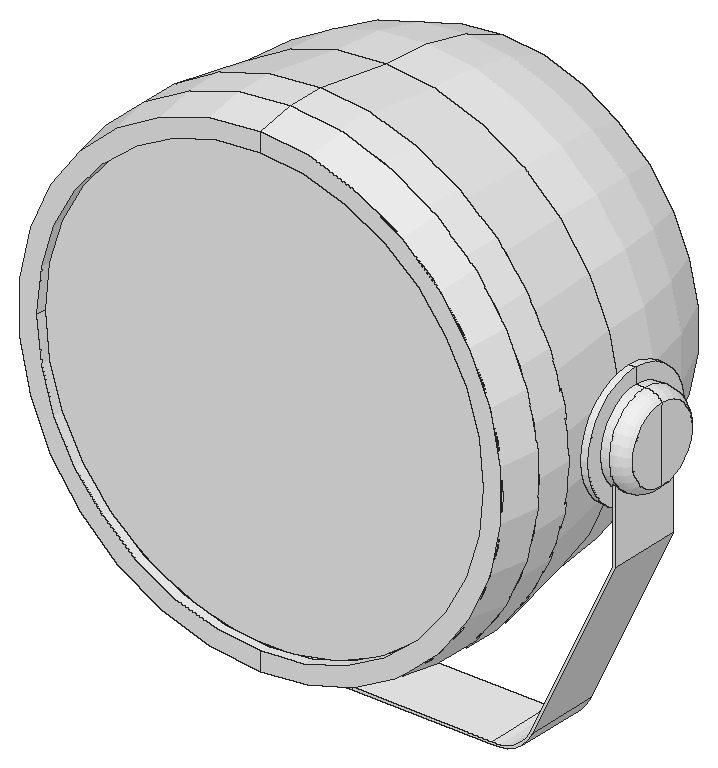
Revit family "Lighting-Accent-Acclaim-Dyna Drum HO Color", category Lighting Fixtures, host Face, Revit 2015
Parameters (values of type "Dyna Drum HO Color")
  Width = 8.22"
  Length = 15.46875"
  Wattage = 9.2903 W
  built-in parameter 1150110 = 1 (stored number, unit not read)
  Voltage = 0 V
  URL = "http://www.acclaimlighting.com/"
  built-in parameter 1114217 = 1 (stored number, unit not read)
  Tilt Angle = -90.00°
  built-in parameter 1150109 = 1 (stored number, unit not read)
  built-in parameter 1150134 = 3
  built-in parameter 1150113 = 1 (stored number, unit not read)
  Power Factor = 1
  Photometric Web File = "generic"
  Number of Poles = 1
  built-in parameter 1150142 = (empty or 0)
  Model = "Dyna Drum HO Color"
  Manufacturer = "Acclaim Lighting"
  built-in parameter 1150105 = 109.82 (stored number, unit not read)
  Lumens = 1380 lm
  built-in parameter 1150115 = 1 (stored number, unit not read)
  built-in parameter 1150137 = (empty or 0)
  built-in parameter 1150139 = (empty or 0)
  built-in parameter 1150112 = 1 (stored number, unit not read)
  built-in parameter 1150114 = 1 (stored number, unit not read)
  Lamp = "LED"
  built-in parameter 1150132 = (empty or 0)
  built-in parameter 1150102 = (empty or 0)
  built-in parameter 1150107 = 3200 (stored number, unit not read)
  built-in parameter 1150138 = (empty or 0)
  built-in parameter 1150106 = 1.0982 (stored number, unit not read)
  Housing Finish = Aluminum
  Height = 14.88"
  built-in parameter 1150129 = 12.00"
  Emit Shape Visible in Rendering = no
  built-in parameter 1150104 = 13.8 (stored number, unit not read)
  Dimming Lamp Color Temperature Shift = <None>
  Description = "Accent Fixture"
  Default Elevation = 48.00"
  Color Filter = 16777215
  Emit from Circle Diameter = 12.00"
  built-in parameter 1150133 = 10 (stored number, unit not read)
  Apparent Load = 0 VA
Reference planes (in)
  plane 1 "Center (Front/Back)": y = 0
  plane 2: z = 0
  plane 3 "Center (Left/Right)": x = 0
  plane 4: x = 0
  plane 5: z = 9.2
  plane 6: x = -7.73437
  plane 7: x = 7.73438
  plane 8: y = 4.11
  plane 9: y = -4.11
  plane 10: z = 14.88
Forms (in)
  Revolve 1, solid, material "Aluminum" <- "Housing Finish"
    sketch origin (0, 0, -1) x (0, 1, 0) y (0, 0, 1)
      loop
        line (-4.01961, 15.7) -> (-4.01961, 9.2) -> (4.11, 9.2) -> (4.11, 14.4651)
        arc (4.11, 14.4651) -> (2.22274, 15.22118) -> (0.20654, 15.48258) r 8.08534
        line (0.20654, 15.48258) -> (-1.99241, 15.8653) -> (-2.99241, 15.8653) -> (-4.01961, 15.7)
      axis (-4.01961, 9.2) -> (4.11, 9.2)
    angle from 0 to 360
  Revolve 2, solid, material "Aluminum" <- "Housing Finish"
    sketch origin (0, 0, -1) x (-1, 0, 0) y (0, 0, 1)
      loop
        line (7.56973, 9.06446) -> (7.56973, 10.06446)
        arc (7.56973, 10.06446) -> (7.36985, 10.22736) -> (7.11657, 10.27577) r 0.52626
        line (7.11657, 10.27577) -> (6.86657, 10.27577) -> (6.86657, 10.67747) -> (6.6838, 10.67747) -> (6.6838, 9.06446) -> (7.56973, 9.06446)
      axis (6.6838, 9.06446) -> (7.56973, 9.06446)
    angle from 0 to 360
  Extrusion 3, solid, material "Aluminum" <- "Housing Finish"
    sketch origin (0.09498, 0, -0.0625) x (1, 0, 0) y (0, 0, 1)
      loop
        line (-7.17907, 8.4048) -> (-7.17907, 5.4048) -> (-4.96033, 0.64668)
        arc (-4.96033, 0.64668) -> (-4.50223, 0.14676) -> (-3.84024, 0) r 1.12746
        line (-3.84024, 0) -> (-0.14021, 0) -> (3.65028, 0)
        arc (3.65028, 0) -> (4.31227, 0.14676) -> (4.77037, 0.64668) r 1.12746
        line (4.77037, 0.64668) -> (6.98911, 5.4048) -> (6.98911, 8.4048) -> (6.92661, 8.3423) -> (6.92661, 5.41865) -> (4.71372, 0.6731)
        arc (4.71372, 0.6731) -> (4.27986, 0.20022) -> (3.65305, 0.0625) r 1.06496
        line (3.65305, 0.0625) -> (-0.0798, 0.0625) -> (-3.84301, 0.0625)
        arc (-3.84301, 0.0625) -> (-4.46982, 0.20022) -> (-4.90368, 0.6731) r 1.06496
        line (-4.90368, 0.6731) -> (-7.11657, 5.41865) -> (-7.11657, 8.3423) -> (-7.17907, 8.4048)
    from -0.97615 to 0.95624
  Extrusion 4, void
    sketch origin (0, -0.76961, -1) x (1, 0, 0) y (0, 0, 1)
      loop
        circle (0, 9.2) r 6
    from 2.98826 to 3.25
  Revolve 5, solid, material "Aluminum" <- "Housing Finish"
    sketch origin (0, 0, -1) x (1, 0, 0) y (0, 0, 1)
      loop
        line (7.56973, 9.06446) -> (7.56973, 10.06446)
        arc (7.56973, 10.06446) -> (7.36985, 10.22736) -> (7.11657, 10.27577) r 0.52626
        line (7.11657, 10.27577) -> (6.86657, 10.27577) -> (6.86657, 10.67747) -> (6.6838, 10.67747) -> (6.6838, 9.06446) -> (7.56973, 9.06446)
      axis (6.6838, 9.06446) -> (7.56973, 9.06446)
    angle from 0 to 360
Cuts and joins
  Extrusion 4 cuts Revolve 1
Dimensions and locks (in)
  equal spacing: plane 7, plane 3 "Center (Left/Right)", plane 6
  "Length": plane 7 to plane 6
  equal spacing: plane 8, plane 1 "Center (Front/Back)", plane 9
  "Width": plane 8 to plane 9
  "Height": plane 10 to host face
  aligned and locked: plane 2 to host face
  aligned and locked: level to host face
Automatic sketch dimensions
  host sketch curve to host sketch curve = 96.00"  (x2)
  plane 5 to Revolve 2 sketch curve = 1.13554"  (x2)
  Revolve 2 sketch curve to plane 6 = 1.05057"
  Revolve 2 sketch curve to Revolve 2 sketch curve = 0.18277"
  Revolve 2 sketch curve to Revolve 2 sketch curve = 0.25"
  Revolve 2 sketch curve to Revolve 2 sketch curve = 0.03087"
  Revolve 2 sketch curve to plane 6 = 0.16465"
  plane 5 to Revolve 2 sketch curve = 0.44959"
  Revolve 2 sketch curve to Revolve 2 sketch curve = 0.31405"
  Revolve 2 sketch curve to Revolve 2 sketch curve = 0.40171"
  Revolve 2 sketch curve to Revolve 2 sketch curve = 0.00"
  plane 6 to Revolve 2 sketch curve = 0.79782"
  Extrusion 3 sketch curve to Extrusion 3 sketch curve = 0.00"  (x4)
  Extrusion 3 sketch curve to level = 0.00"
  plane 6 to Extrusion 3 sketch curve = 0.65028"
  Extrusion 3 sketch curve to Extrusion 3 sketch curve = 0.0625"  (x4)
  level to Extrusion 3 sketch curve = 0.58418"  (x2)
  plane 6 to Extrusion 3 sketch curve = 2.86903"
  level to Extrusion 3 sketch curve = 0.6106"  (x2)
  Extrusion 3 sketch curve to Extrusion 3 sketch curve = 0.05664"
  Extrusion 3 sketch curve to Extrusion 3 sketch curve = 0.96518"  (x2)
  Extrusion 3 sketch curve to Extrusion 3 sketch curve = 0.0955"  (x2)
  Extrusion 3 sketch curve to level = 0.0625"
  Extrusion 3 sketch curve to plane 3 "Center (Left/Right)" = 0.04523"
  plane 3 "Center (Left/Right)" to Extrusion 3 sketch curve = 0.01518"
  Extrusion 3 sketch curve to Extrusion 3 sketch curve = 3.73009"
  Extrusion 3 sketch curve to Extrusion 3 sketch curve = 0.00277"
  Extrusion 3 sketch curve to plane 7 = 0.71278"
  Extrusion 3 sketch curve to Extrusion 3 sketch curve = 0.01386"  (x2)
  Extrusion 3 sketch curve to plane 5 = 0.9202"  (x2)
  Extrusion 4 sketch curve to plane 3 "Center (Left/Right)" = 0.00"
  Extrusion 4 sketch curve to plane 5 = 1.00"
  Revolve 5 sketch curve to plane 5 = 1.13554"  (x2)
  Revolve 5 sketch curve to plane 7 = 1.05057"
  Revolve 5 sketch curve to Revolve 5 sketch curve = 0.18277"
  Revolve 5 sketch curve to Revolve 5 sketch curve = 0.25"
  Revolve 5 sketch curve to Revolve 5 sketch curve = 0.03087"
  Revolve 5 sketch curve to plane 7 = 0.16465"
  Revolve 5 sketch curve to plane 5 = 0.44959"
  Revolve 5 sketch curve to Revolve 5 sketch curve = 0.31405"
  Revolve 5 sketch curve to Revolve 5 sketch curve = 0.40171"
  Revolve 5 sketch curve to Revolve 5 sketch curve = 0.00"
  plane 7 to Revolve 5 sketch curve = 0.79782"
  Extrusion 3 sketch curve to Extrusion 3 sketch curve = 2.9375"  (x2)
  Revolve 1 sketch curve to plane 8 = 0.00"
  Revolve 1 sketch curve to plane 1 "Center (Front/Back)" = 0.20654"
  Revolve 1 sketch curve to plane 1 "Center (Front/Back)" = 0.18336"
  Revolve 1 sketch curve to plane 10 = 0.0147"
  Revolve 1 sketch curve to plane 9 = 1.11759"
  Revolve 1 sketch curve to plane 9 = 0.09039"
  Revolve 1 sketch curve to plane 10 = 0.18"
  Revolve 1 sketch curve to plane 10 = 0.39742"
  Revolve 1 sketch curve to Revolve 1 sketch curve = 1.01748"
  Revolve 1 sketch curve to plane 5 = 1.00"  (x2)
  Revolve 1 sketch curve to Revolve 1 sketch curve = 1.00"
  Revolve 1 sketch curve to Revolve 1 sketch curve = 0.76961"
  Revolve 1 sketch curve to plane 8 = 4.39"
  radius of Extrusion 4 sketch curve = 6.00"
Connectors (in)
  electrical at (0, 4.11, 8.2), driven by "Number of Poles", driven by "Voltage", driven by "Apparent Load", driven by "Power Factor"
    settings: on cut or joined group of Revolve 1, Extrusion 4, index 1, voltage 0 V, apparent load 0 VA, apparent load phase1 0 VA, apparent load phase2 0 VA, apparent load phase3 0 VA, power factor 1, load classification "Other", number of poles 1, system type 31, power factor state 1, is connector primary yes, connector utility yes, sub classification motor no, connector description ""
